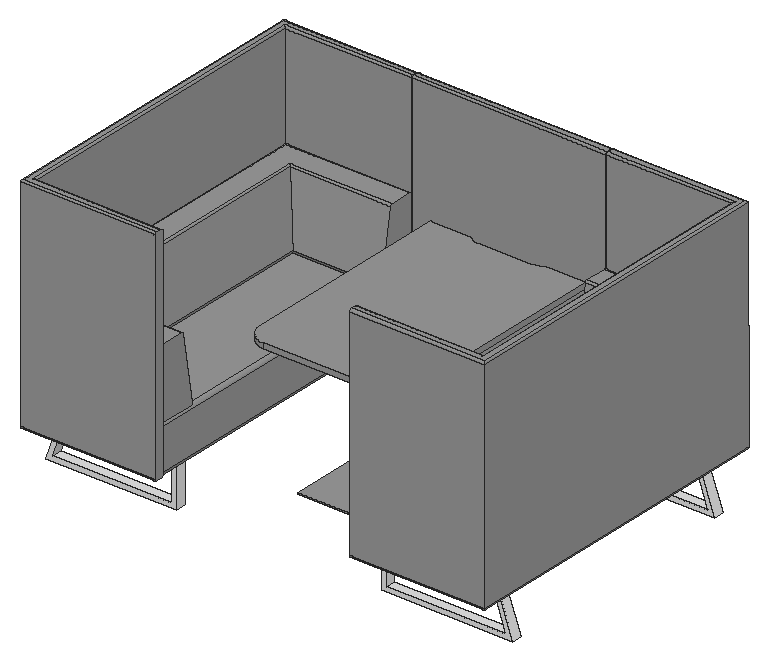
Revit family "TP7H - TP7L", category Furniture, Revit 2019
Family settings
  OmniClass Number = 23.40.20.00
  OmniClass Title = General Furniture and Specialties
  Work Plane-Based = No
  Always vertical = Yes
  Cut with Voids When Loaded = No
  Shared = No
  Room Calculation Point = No
Parameters (values of type "TP7TH-K")
  URL = "www.gof.co.uk"
  Seat = GABRIEL Byron_02101
  Range = "SEATING"
  Product Data Specification = "https://gof.co.uk/wp-content/uploads/2016/02/Take-Off-Task-Product-Data-Sheet.compressed.pdf"
  Product Code = "TP7TH-K"
  Product Brochure = "https://gof.co.uk/wp-content/uploads/2016/04/Take_Off_Reception_Brochure_2016.pdf"
  Model = "TAKE OFF PLUS"
  Manufacturer = "Gresham Office Furniture"  # constant formula
  Low Surround = GABRIEL Byron_02101
  Low Surround (Vis) = no
  High Surround (Vis) = yes
  High Surround = GABRIEL Byron_02101
  Circular Leg Frame = no
  Back = GABRIEL Byron_05101
  Angled Base Frame = yes
Types (4, lengths in mm): name | Product Code | Low Surround (Vis) | High Surround (Vis) | Circular Leg Frame | Angled Base Frame
  TP7TL-K | "TP7TL-K" | yes | no | no | yes
  TP7TH-K | "TP7TH-K" | no | yes | no | yes
  TP7TH-4 | "TP7TH-4" | no | yes | yes | no
  TP7TL-4 | "TP7TL-4" | yes | no | yes | no
Reference planes
  plane 1 "Center (Front/Back)": y = 0
  plane 2: z = 0
  plane 3 "Center (Left/Right)": x = 0
  plane 4: y = 347.5
  plane 5: x = 1195
  plane 6: x = -1195
  plane 7 "Right Inner": x = 1150
  plane 8 "Left Inner": x = -1150
  plane 9: y = 302.5
  plane 10: y = -347.5
  plane 11: z = 1360
Dimensions and locks
  locked: plane 7 "Right Inner" to plane 5 at 45
  locked: plane 6 to plane 8 "Left Inner" at 45
  locked: plane 9 to plane 4 at 45
  locked: plane 10 to plane 4 at 695
  equal spacing: plane 10, plane 1 "Center (Front/Back)", plane 4
  plane 6 to plane 3 "Center (Left/Right)" to plane 5 = 1195 mm, 1195 mm
  plane 11 to level = 1360 mm
  nested 2 to nested 1 = 1000 mm
  nested 2 to plane 4 = 1690 mm
  aligned and locked: level to plane 2
Nested families
  nested 1: "TP3H - TP3L" at (847.5, -497.5, 0) x (0, -1, 0) z (0, 0, 1), type "TP3L-K"
  nested 2: "TP3H - TP3L" at (-847.5, -497.5, 0) x (0, -1, 0) z (0, 0, 1), type "TP3L-K"
  nested 3: "1000 Connector With Table" at (0, 0, 0), type "High Connector"
Definition of nested family "TP3H - TP3L"
  Parameters (values of type "TP3L-K")
    URL = "www.gof.co.uk"
    Seat = none
    Range = "SEATING"
    Product Data Specification = "https://gof.co.uk/wp-content/uploads/2016/02/Take-Off-Task-Product-Data-Sheet.compressed.pdf"
    Product Code = "TP3L-K"
    Product Brochure = "https://gof.co.uk/wp-content/uploads/2016/04/Take_Off_Reception_Brochure_2016.pdf"
    Model = "TAKE OFF PLUS"
    Manufacturer = "Gresham Office Furniture"  # constant formula
    Low Surround = none
    Low Surround (Vis) = no
    High Surround (Vis) = yes
    High Surround = none
    Circular Leg Frame = no
    Back = none
    Angled Base Frame = yes
  Reference planes
    plane 1 "Center (Front/Back)": y = 0
    plane 2: z = 0
    plane 3 "Center (Left/Right)": x = 0
    plane 4: y = 347.5
    plane 5: x = 845
    plane 6: x = -845
    plane 7 "Right Inner": x = 800
    plane 8 "Left Inner": x = -800
    plane 9: y = 302.5
    plane 10: y = -347.5
  Forms (mm)
    Extrusion 1, solid, material <- "Seat"
      sketch origin (0, 0, 215) x (0, 1, 0) y (-1, 0, 0)
        loop
          line (302.5, 800) -> (-347.5, 800) -> (-347.5, -800) -> (302.5, -800) -> (302.5, 800)
      from 0 to 250
    Sweep 2, void
      path in 3D
        loop
          line (800, -347.5, 215) -> (800, 302.5, 215) -> (-800, 302.5, 215) -> (-800, -347.5, 215) -> (800, -347.5, 215)
      profile origin (0, -347.5, 215) x (0, -1, 0) y (0, 0, -1)
        loop
          line (0, 0) -> (-20, 0)
          arc (-20, 0) -> (-5.858, -5.858) -> (0, -20) r 20
          line (0, -20) -> (0, 0)
    Sweep 3, solid, material <- "Back"
      path in 3D
        loop
          line (-800, -347.5, 465) -> (-800, 302.5, 465) -> (800, 302.5, 465) -> (800, -347.5, 465)
      profile origin (0, 302.5, 465) x (0, 1, 0) y (0, 0, 1)
        loop
          line (-132.43, 351.697) -> (-190.985, 11.697)
          arc (-190.985, 11.697) -> (-188.778, 3.557) -> (-181.131, 0) r 10
          line (-181.131, 0) -> (-10, 0)
          arc (-10, 0) -> (-2.929, 2.929) -> (0, 10) r 10
          line (0, 10) -> (0, 350)
          arc (0, 350) -> (-2.929, 357.071) -> (-10, 360) r 10
          line (-10, 360) -> (-122.575, 360)
          arc (-122.575, 360) -> (-129.018, 357.648) -> (-132.43, 351.697) r 10
    Sweep 4, solid, material <- "Low Surround", visible <- "Low Surround (Vis)"
      path in 3D
        loop
          line (-800, -347.5, 465) -> (-800, 302.5, 465) -> (800, 302.5, 465) -> (800, -347.5, 465)
      profile origin (800, -22.5, 465) x (1, 0, 0) y (0, 0, 1)
        loop
          arc (10, 360) -> (2.929, 357.071) -> (0, 350) r 10
          line (0, 350) -> (0, -240)
          arc (0, -240) -> (2.929, -247.071) -> (10, -250) r 10
          line (10, -250) -> (35, -250)
          arc (35, -250) -> (42.071, -247.071) -> (45, -240) r 10
          line (45, -240) -> (45, 350)
          arc (45, 350) -> (42.071, 357.071) -> (35, 360) r 10
          line (35, 360) -> (10, 360)
    Sweep 5, void
      path in 3D
        loop
          line (800, -347.5, 465) -> (800, 302.5, 465) -> (-800, 302.5, 465) -> (-800, -347.5, 465) -> (800, -347.5, 465)
      profile origin (0, -347.5, 465) x (0, 1, 0) y (0, 0, 1)
        loop
          line (0, 0) -> (0, -20)
          arc (0, -20) -> (5.858, -5.858) -> (20, 0) r 20
          line (20, 0) -> (0, 0)
    Sweep 6, solid, material <- "High Surround", visible <- "High Surround (Vis)"
      path in 3D
        loop
          line (-800, -347.5, 1000) -> (-800, 302.5, 1000) -> (800, 302.5, 1000) -> (800, -347.5, 1000)
      profile origin (800, -22.5, 1000) x (1, 0, 0) y (0, 0, 1)
        loop
          arc (10, 360) -> (2.929, 357.071) -> (0, 350) r 10
          line (0, 350) -> (0, -775)
          arc (0, -775) -> (2.929, -782.071) -> (10, -785) r 10
          line (10, -785) -> (35, -785)
          arc (35, -785) -> (42.071, -782.071) -> (45, -775) r 10
          line (45, -775) -> (45, 350)
          arc (45, 350) -> (42.071, 357.071) -> (35, 360) r 10
          line (35, 360) -> (10, 360)
  Cuts and joins
    Sweep 2, Sweep 5 cuts Extrusion 1
  Lines and regions (mm)
    sketch lines
      curve 1: line (-800, -347.5, 215) -> (800, -347.5, 215)
      curve 2: line (800, -347.5, 215) -> (800, 302.5, 215)
      curve 3: line (800, 302.5, 215) -> (-800, 302.5, 215)
      curve 4: line (-800, 302.5, 215) -> (-800, -347.5, 215)
      curve 5: line (-800, 302.5, 465) -> (800, 302.5, 465)
      curve 6: line (-800, -347.5, 465) -> (-800, 302.5, 465)
      curve 7: line (800, 302.5, 465) -> (800, -347.5, 465)
      curve 8: line (800, 302.5, 465) -> (800, -347.5, 465)
      curve 9: line (-800, 302.5, 465) -> (800, 302.5, 465)
      curve 10: line (-800, -347.5, 465) -> (-800, 302.5, 465)
      curve 11: line (-800, -347.5, 465) -> (800, -347.5, 465)
      curve 12: line (800, -347.5, 465) -> (800, 302.5, 465)
      curve 13: line (800, 302.5, 465) -> (-800, 302.5, 465)
      curve 14: line (-800, 302.5, 465) -> (-800, -347.5, 465)
      curve 15: line (800, 302.5, 1000) -> (800, -347.5, 1000)
      curve 16: line (-800, 302.5, 1000) -> (800, 302.5, 1000)
      curve 17: line (-800, -347.5, 1000) -> (-800, 302.5, 1000)
  Dimensions and locks
    plane 6 to plane 5 = 1690 mm
    locked: plane 7 "Right Inner" to plane 5 at 45
    locked: plane 6 to plane 8 "Left Inner" at 45
    locked: plane 9 to plane 4 at 45
    locked: plane 10 to plane 4 at 695
    equal spacing: plane 10, plane 1 "Center (Front/Back)", plane 4
    locked: nested 1 to plane 5 at 170
    locked: nested 1 to plane 10 at 26
    locked: plane 6 to nested 2 at 170
    locked: nested 2 to plane 10 at 26
    locked: nested 3 to plane 5 at 62.5
    locked: nested 3 to plane 10 at 20
    locked: plane 6 to nested 4 at 62.5
    locked: nested 4 to plane 10 at 20
    aligned and locked: level to plane 2
  Automatic sketch dimensions
    Extrusion 1 sketch curve to plane 8 "Left Inner" = 0 mm
    Extrusion 1 sketch curve to plane 10 = 0 mm
    Extrusion 1 sketch curve to plane 9 = 0 mm
    Extrusion 1 sketch curve to plane 7 "Right Inner" = 0 mm
    profile plane to Sweep 2 sketch curve = 0 mm
    Sweep 2 sketch curve to profile plane = 0 mm
    Sweep 2 sketch curve to Sweep 2 sketch curve = 20 mm
    Sweep 3 sketch curve to profile plane = 0 mm  (x2)
    profile plane to Sweep 3 sketch curve = 10 mm  (x2)
    Sweep 3 sketch curve to Sweep 3 sketch curve = 10 mm  (x2)
    Sweep 3 sketch curve to Sweep 3 sketch curve = 112.575 mm
    Sweep 3 sketch curve to Sweep 3 sketch curve = 9.855 mm
    Sweep 3 sketch curve to Sweep 3 sketch curve = 171.131 mm
    profile plane to Sweep 3 sketch curve = 11.697 mm
    Sweep 3 sketch curve to Sweep 3 sketch curve = 340 mm
    profile plane to Sweep 4 sketch curve = 0 mm
    Sweep 4 sketch curve to profile plane = 10 mm  (x2)
    Sweep 4 sketch curve to Sweep 4 sketch curve = 25 mm  (x2)
    Sweep 4 sketch curve to Sweep 4 sketch curve = 10 mm
    Sweep 4 sketch curve to profile plane = 250 mm
    profile plane to Sweep 4 sketch curve = 350 mm
    Sweep 5 sketch curve to profile plane = 0 mm  (x2)
    Sweep 5 sketch curve to profile plane = 20 mm
    profile plane to Sweep 6 sketch curve = 0 mm
    Sweep 6 sketch curve to profile plane = 10 mm  (x2)
    Sweep 6 sketch curve to Sweep 6 sketch curve = 25 mm  (x2)
    Sweep 6 sketch curve to Sweep 6 sketch curve = 10 mm
    Sweep 6 sketch curve to profile plane = 785 mm
    profile plane to Sweep 6 sketch curve = 350 mm
  Nested families
    nested 1: "Angled Base Frame" at (0, -83, 0), visible <- "Angled Base Frame", type "Angled Base Frame"
    nested 2: "Angled Base Frame" at (0, -83, 0) x (-1, 0, 0) z (0, 0, 1), visible <- "Angled Base Frame", type "Angled Base Frame"
    nested 3: "Circular Leg Frame" at (0, -83, 0), visible <- "Circular Leg Frame", type "Circular Leg Frame"
    nested 4: "Circular Leg Frame" at (0, -83, 0) x (-1, 0, 0) z (0, 0, 1), visible <- "Circular Leg Frame", type "Circular Leg Frame"
  Definition of nested family "Angled Base Frame"
    Parameters (values of type "Angled Base Frame")
      Width = 1690 mm
      URL = "www.gof.co.uk"
      Range = "TAKE OFF PLUS"
      Product Code = ""
      Manufacturer = "Gresham Office Funiture"  # constant formula
      Frame = none
    Reference planes
      plane 1 "Center (Front/Back)": y = 83
      plane 2: z = 0
      plane 3 "Center (Left/Right)": x = 0
      plane 4: x = -845
      plane 5: x = 845
      plane 6: y = 430.5
      plane 7: y = -264.5
    Forms (mm)
      Extrusion 1, solid, material <- "Frame"
        sketch origin (675, 334.886, 702) x (0, -1, 0) y (0, 0, 1)
          loop
            line (-101.614, -702) -> (573.386, -702) -> (573.386, -487) -> (-23.614, -487) -> (-101.614, -702)
          loop
            line (548.386, -677) -> (548.386, -512) -> (-6.089, -512) -> (-65.95, -677) -> (548.386, -677)
        from 0 to 50
    Dimensions and locks
      "Width": plane 4 to plane 5
      locked: plane 6 to plane 7 at 695
      equal spacing: plane 4, plane 3 "Center (Left/Right)", plane 5
      Extrusion 1 sketch curve to Extrusion 1 sketch curve = 25 mm  (x2)
      Extrusion 1 sketch curve to Extrusion 1 sketch curve = 675 mm
      Extrusion 1 sketch curve to Extrusion 1 sketch curve = 597 mm
      locked: Extrusion 1 to plane 5 at 170
      locked: Extrusion 1 to plane 7 at 26
      equal spacing: plane 6, plane 1 "Center (Front/Back)", plane 7
      aligned and locked: level to plane 2
    Automatic sketch dimensions
      Extrusion 1 sketch curve to level = 0 mm
      plane 6 to Extrusion 1 sketch curve = 6 mm
      Extrusion 1 sketch curve to plane 6 = 29.664 mm
      Extrusion 1 sketch curve to Extrusion 1 sketch curve = 17.525 mm
      level to Extrusion 1 sketch curve = 25 mm
      Extrusion 1 sketch curve to Extrusion 1 sketch curve = 165 mm
  Definition of nested family "Circular Leg Frame"
    Parameters (values of type "Circular Leg Frame")
      Width = 1690 mm
      URL = "www.gof.co.uk"
      Range = "TAKE OFF PLUS"
      Product Code = ""
      Manufacturer = "Gresham Office Funiture"  # constant formula
      Frame = none
      Foot = none
    Reference planes
      plane 1 "Center (Front/Back)": y = 83
      plane 2: z = 0
      plane 3 "Center (Left/Right)": x = 0
      plane 4: x = -845
      plane 5: x = 845
      plane 6: y = 430.5
      plane 7: y = -264.5
    Forms (mm)
      Extrusion 1, solid, material <- "Frame"
        sketch origin (770, 353.886, 702) x (0, -1, 0) y (0, 0, 1)
          loop
            line (553.386, -487) -> (-26.614, -487) -> (-26.614, -537) -> (553.386, -537) -> (553.386, -487)
        from 0 to 25
      Extrusion 2, solid, material <- "Frame"
        sketch origin (0, -25, 5) x (-1, 0, 0) y (0, -1, 0)
          loop
            circle (-757.5, 194.5) r 25
        from 0 to 210
      Extrusion 3, solid, material <- "Frame"
        sketch origin (0, 239, 5) x (-1, 0, 0) y (0, -1, 0)
          loop
            circle (-757.5, -161.5) r 25
        from 0 to 210
      Extrusion 4, solid, material <- "Foot"
        sketch origin (0, 0, 0) x (1, 0, 0) y (0, 1, 0)
          loop
            circle (757.5, -219.5) r 15
        from 0 to 5
      Extrusion 5, solid, material <- "Foot"
        sketch origin (0, 199, 0) x (1, 0, 0) y (0, 1, 0)
          loop
            circle (757.5, 201.5) r 15
        from 0 to 5
    Cuts and joins
      joined: Extrusion 1, Extrusion 2, Extrusion 3
    Dimensions and locks
      "Width": plane 4 to plane 5
      locked: plane 6 to plane 7 at 695
      equal spacing: plane 4, plane 3 "Center (Left/Right)", plane 5
      Extrusion 1 sketch curve to Extrusion 1 sketch curve = 50 mm
      locked: Extrusion 1 to plane 5 at 75
      locked: Extrusion 2 to plane 7 at 20
      Extrusion 2 to plane 7 = 70 mm
      locked: plane 6 to Extrusion 3 at 5
      plane 6 to Extrusion 5 = 15 mm
      Extrusion 4 to plane 7 = 45 mm
      plane 6 to Extrusion 5 = 30 mm
      equal spacing: plane 6, plane 1 "Center (Front/Back)", plane 7
      aligned and locked: level to plane 2
      aligned and locked: Extrusion 2 to Extrusion 1
    Automatic sketch dimensions
      Extrusion 1 sketch curve to plane 6 = 50 mm
      plane 7 to Extrusion 1 sketch curve = 65 mm
      level to Extrusion 1 sketch curve = 165 mm
      plane 5 to Extrusion 2 sketch curve = 87.5 mm
      plane 7 to Extrusion 2 sketch curve = 45 mm
      plane 6 to Extrusion 3 sketch curve = 30 mm
      Extrusion 3 sketch curve to plane 5 = 87.5 mm
      plane 5 to Extrusion 4 sketch curve = 87.5 mm
      plane 7 to Extrusion 4 sketch curve = 45 mm
      plane 6 to Extrusion 5 sketch curve = 30 mm
      Extrusion 5 sketch curve to plane 5 = 87.5 mm
      radius of Extrusion 2 sketch curve = 25 mm
      radius of Extrusion 3 sketch curve = 25 mm
      radius of Extrusion 4 sketch curve = 15 mm
      radius of Extrusion 5 sketch curve = 15 mm
Definition of nested family "1000 Connector With Table"
  Parameters (values of type "High Connector")
    URL = "www.gof.co.uk"
    Table Top = none
    Range = "SEATING"
    Product Data Specification = "https://gof.co.uk/wp-content/uploads/2016/02/Take-Off-Task-Product-Data-Sheet.compressed.pdf"
    Product Code = ""
    Product Brochure = "https://gof.co.uk/wp-content/uploads/2016/04/Take_Off_Reception_Brochure_2016.pdf"
    Model = "TAKE OFF PLUS"
    Manufacturer = "Gresham Office Furniture"  # constant formula
    Low Surround = none
    Low Surround (Vis) = no
    High Surround (Vis) = yes
    High Surround = none
    Frame = none
    Foot = none
  Types (3, lengths in mm): name | Low Surround (Vis) | High Surround (Vis)
    (no name) | no | yes
    High Connector | no | yes
    Low Connector | yes | no
  Reference planes
    plane 1 "Center (Front/Back)": y = 0
    plane 2: z = 0
    plane 3 "Center (Left/Right)": x = 0
    plane 4: y = 347.5
    plane 5: x = 500
    plane 6: x = -500
    plane 7 "Right Inner": x = 455
    plane 8 "Left Inner": x = -455
    plane 9: y = 302.5
    plane 10: y = -347.5
    plane 11 "Table Top": z = 727
    plane 12 "Under Table Top": z = 702
    plane 13 "Feet": z = 3
  Forms (mm)
    Sweep 1, solid, material <- "Low Surround", visible <- "Low Surround (Vis)"
      path in 3D
        loop
          line (-500, 302.5, 465) -> (500, 302.5, 465)
      profile origin (0, 302.5, 465) x (0, 1, 0) y (0, 0, 1)
        loop
          arc (10, 360) -> (2.929, 357.071) -> (0, 350) r 10
          line (0, 350) -> (0, -455)
          arc (0, -455) -> (2.929, -462.071) -> (10, -465) r 10
          line (10, -465) -> (35, -465)
          arc (35, -465) -> (42.071, -462.071) -> (45, -455) r 10
          line (45, -455) -> (45, 350)
          arc (45, 350) -> (42.071, 357.071) -> (35, 360) r 10
          line (35, 360) -> (10, 360)
    Sweep 2, solid, material <- "High Surround", visible <- "High Surround (Vis)"
      path in 3D
        loop
          line (-500, 302.5, 1000) -> (500, 302.5, 1000)
      profile origin (0, 302.5, 1000) x (0, 1, 0) y (0, 0, 1)
        loop
          arc (10, 360) -> (2.929, 357.071) -> (0, 350) r 10
          line (0, 350) -> (0, -990)
          arc (0, -990) -> (2.929, -997.071) -> (10, -1000) r 10
          line (10, -1000) -> (35, -1000)
          arc (35, -1000) -> (42.071, -997.071) -> (45, -990) r 10
          line (45, -990) -> (45, 350)
          arc (45, 350) -> (42.071, 357.071) -> (35, 360) r 10
          line (35, 360) -> (10, 360)
    Extrusion 3, solid, material <- "Table Top"
      sketch origin (0, 0, 702) x (-1, 0, 0) y (0, -1, 0)
        loop
          line (300, 897.5) -> (-300, 897.5)
          arc (-300, 897.5) -> (-370.711, 868.211) -> (-400, 797.5) r 100
          line (-400, 797.5) -> (-400, -302.5) -> (-220, -302.5)
          arc (-220, -302.5) -> (-203.896, -300.84) -> (-189, -294.5) r 54.231
          arc (-189, -294.5) -> (-160.181, -281.832) -> (-129, -277.5) r 114.382
          line (-129, -277.5) -> (129, -277.5)
          arc (129, -277.5) -> (160.181, -281.832) -> (189, -294.5) r 114.382
          arc (189, -294.5) -> (203.896, -300.84) -> (220, -302.5) r 54.231
          line (220, -302.5) -> (400, -302.5) -> (400, 797.5)
          arc (400, 797.5) -> (370.711, 868.211) -> (300, 897.5) r 100
      from 25 to 0
    Extrusion 4, solid, material <- "Frame"
      sketch origin (0, 0, 0) x (1, 0, 0) y (0, 1, 0)
        loop
          line (-125, -672.5) -> (125, -672.5) -> (125, -422.5) -> (-125, -422.5) -> (-125, -672.5)
      from 697 to 702
    Extrusion 5, solid, material <- "Frame"
      sketch origin (0, 0, 3) x (-1, 0, 0) y (0, -1, 0)
        loop
          line (225, 772.5) -> (-225, 772.5) -> (-225, 322.5) -> (225, 322.5) -> (225, 772.5)
      from 0 to 8
    Extrusion 6, solid, material <- "Frame"
      sketch origin (0, 0, 0) x (1, 0, 0) y (0, 1, 0)
        loop
          line (40, -507.5) -> (-40, -507.5) -> (-40, -587.5) -> (40, -587.5) -> (40, -507.5)
      from 11 to 697
    Extrusion 7, solid, material <- "Foot"
      sketch origin (-39.13, -25.128, 0) x (1, 0, 0) y (0, 1, 0)
        loop
          circle (-150.515, -712.017) r 20
      from 0 to 3
    Extrusion 8, solid, material <- "Foot"
      sketch origin (39.13, -25.128, 0) x (-1, 0, 0) y (0, -1, 0)
        loop
          circle (-150.515, 712.017) r 20
      from 0 to 3
    Extrusion 9, solid, material <- "Foot"
      sketch origin (-39.13, -1069.872, 0) x (1, 0, 0) y (0, 1, 0)
        loop
          circle (-150.515, 712.017) r 20
      from 0 to 3
    Extrusion 10, solid, material <- "Foot"
      sketch origin (39.13, -1069.872, 0) x (-1, 0, 0) y (0, -1, 0)
        loop
          circle (-150.515, -712.017) r 20
      from 0 to 3
  Lines and regions (mm)
    sketch lines
      curve 1: line (-500, 302.5, 465) -> (500, 302.5, 465)
      curve 2: line (-500, 302.5, 1000) -> (500, 302.5, 1000)
    model lines
      curve 3: line (400, 0, 702) -> (400, 0, 697)
  Dimensions and locks
    plane 6 to plane 5 = 1000 mm
    locked: plane 7 "Right Inner" to plane 5 at 45
    locked: plane 6 to plane 8 "Left Inner" at 45
    locked: plane 9 to plane 4 at 45
    locked: plane 10 to plane 4 at 695
    equal spacing: plane 10, plane 1 "Center (Front/Back)", plane 4
    plane 6 to plane 3 "Center (Left/Right)" to plane 5 = 500 mm, 500 mm
    Extrusion 3 to Extrusion 3 = 25 mm
    locked: plane 9 to Extrusion 3 sketch curve at 25
    plane 9 to Extrusion 3 sketch curve = 25 mm
    Extrusion 3 sketch curve to Extrusion 3 sketch curve = 1200 mm
    Extrusion 3 sketch curve to Extrusion 3 sketch curve = 800 mm
    locked: plane 11 "Table Top" to level at 727
    locked: plane 12 "Under Table Top" to level at 702
    Extrusion 4 sketch curve to Extrusion 4 sketch curve = 250 mm  (x2)
    Extrusion 5 sketch curve to Extrusion 5 sketch curve = 450 mm  (x2)
    locked: plane 13 "Feet" to plane 2 at 3
    Extrusion 6 sketch curve to Extrusion 6 sketch curve = 80 mm  (x2)
    plane 10 to Extrusion 5 = 425 mm
    plane 10 to Extrusion 4 = 325 mm
    plane 10 to Extrusion 6 = 240 mm
    locked: Extrusion 5 to Extrusion 7 at 15.355  (x2)
    locked: Extrusion 8 to Extrusion 5 at 15.355
    locked: Extrusion 5 to Extrusion 8 at 15.355
    locked: Extrusion 5 to Extrusion 9 at 15.355
    locked: Extrusion 5 to Extrusion 10 at 15.355
    aligned and locked: level to plane 2
    aligned and locked: Extrusion 3 to plane 12 "Under Table Top"
    aligned and locked: Extrusion 4 to Extrusion 3
  Automatic sketch dimensions
    curve 3 to plane 12 "Under Table Top" = 0 mm
    curve 3 to plane 12 "Under Table Top" = 5 mm
    curve 3 to plane 7 "Right Inner" = 55 mm
    Sweep 1 sketch curve to profile plane = 0 mm
    Sweep 1 sketch curve to profile plane = 10 mm  (x2)
    Sweep 1 sketch curve to Sweep 1 sketch curve = 25 mm  (x2)
    Sweep 1 sketch curve to Sweep 1 sketch curve = 10 mm
    Sweep 1 sketch curve to profile plane = 465 mm
    profile plane to Sweep 1 sketch curve = 350 mm
    Sweep 2 sketch curve to profile plane = 0 mm
    Sweep 2 sketch curve to profile plane = 10 mm  (x2)
    Sweep 2 sketch curve to Sweep 2 sketch curve = 25 mm  (x2)
    Sweep 2 sketch curve to Sweep 2 sketch curve = 10 mm
    Sweep 2 sketch curve to profile plane = 1000 mm
    profile plane to Sweep 2 sketch curve = 350 mm
    Extrusion 3 sketch curve to plane 9 = 0 mm  (x2)
    Extrusion 3 sketch curve to plane 7 "Right Inner" = 55 mm
    Extrusion 3 sketch curve to Extrusion 3 sketch curve = 100 mm  (x2)
    Extrusion 3 sketch curve to Extrusion 3 sketch curve = 180 mm
    Extrusion 3 sketch curve to Extrusion 3 sketch curve = 2.553 mm  (x2)
    Extrusion 3 sketch curve to Extrusion 3 sketch curve = 88.447 mm  (x2)
    Extrusion 3 sketch curve to plane 4 = 44.382 mm  (x2)
    Extrusion 3 sketch curve to plane 3 "Center (Left/Right)" = 129 mm
    Extrusion 3 sketch curve to plane 9 = 54.171 mm  (x2)
    Extrusion 4 sketch curve to plane 3 "Center (Left/Right)" = 125 mm
    Extrusion 4 sketch curve to plane 10 = 325 mm
    plane 3 "Center (Left/Right)" to Extrusion 5 sketch curve = 225 mm
    plane 10 to Extrusion 5 sketch curve = 25 mm
    Extrusion 6 sketch curve to plane 3 "Center (Left/Right)" = 40 mm
    Extrusion 6 sketch curve to plane 10 = 240 mm
    Extrusion 7 sketch curve to plane 3 "Center (Left/Right)" = 189.645 mm
    Extrusion 7 sketch curve to plane 10 = 389.645 mm
    Extrusion 8 sketch curve to plane 3 "Center (Left/Right)" = 189.645 mm
    plane 10 to Extrusion 8 sketch curve = 389.645 mm
    plane 10 to Extrusion 9 sketch curve = 10.355 mm
    plane 3 "Center (Left/Right)" to Extrusion 9 sketch curve = 189.645 mm
    Extrusion 10 sketch curve to plane 10 = 10.355 mm
    plane 3 "Center (Left/Right)" to Extrusion 10 sketch curve = 189.645 mm
    radius of Extrusion 7 sketch curve = 20 mm
    radius of Extrusion 8 sketch curve = 20 mm
    radius of Extrusion 9 sketch curve = 20 mm
    radius of Extrusion 10 sketch curve = 20 mm
